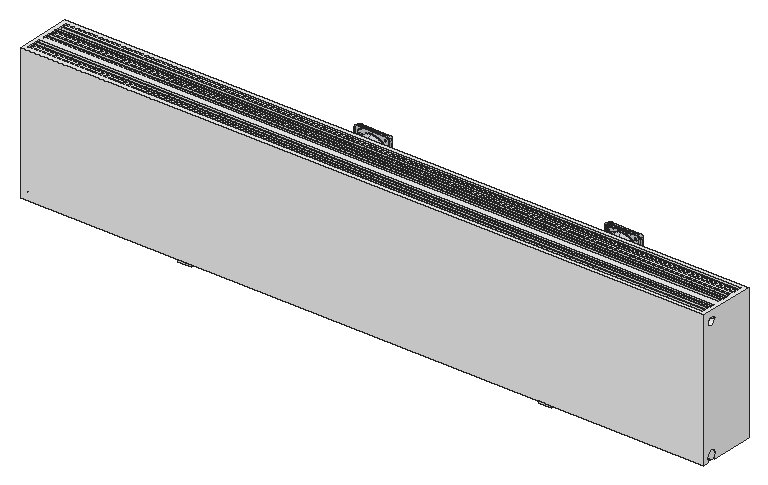
Revit family "57_CRD_ME_Climarad_2-0_elektrisch", category Mechanical Equipment, Revit 2020
Family settings
  Round Connector Dimension = Use Diameter
  Classification = None
  Part Type = Normal
  Work Plane-Based = Yes
  Always vertical = Yes
  Cut with Voids When Loaded = Yes
  Shared = No
  Room Calculation Point = Yes
Parameters (values of type "1500 mm")
  voltage = 230 V  # constant formula
  type_kap = 57_CRD_ME_kap_climarad_2-0 : diepte 197 mm
  schacht = yes
  roosters_hoh_maat [instance] = 880 mm
  rooster_offset_X_rechts [instance] = roosters_hoh_maat - hoh_ventilatie_doorvoeren + rooster_offset_X_links  # -109 mm
  rooster_offset_X_links_vrij_invullen [instance] = 0 mm
  positie_wcd_uit_hart_unit = 750 mm  # constant formula
  rooster_offset_Y [instance] = -150 mm
  rooster_offset_X_links [instance] = if(hart_roosters_gelijk_aan_hart_unit, (hoh_ventilatie_doorvoeren - roosters_hoh_maat) / 2, rooster_offset_X_links_vrij_invullen)  # 109 mm
  onderkant_unit [instance] = onderkant_kast - 80 mm  # 0 mm
  onderkant_kast [instance] = 80 mm
  muurrooster_waalformaat [instance] = not(muurrooster_vierkant)  # no
  muurrooster_vierkant [instance] = yes
  materiaal_rooster [instance] = none
  materiaal_unit [instance] = aluminium_RAL_9016
  materiaal_kanaal [instance] = none
  lengte_unit = 1240 mm  # constant formula
  hoogte_unit = 466 mm  # constant formula
  hoogte_totaal = hoogte_kast + 80 mm  # 554 mm
  hoogte_kast = 474 mm
  hart_ventilatie_doorvoer_tov_onderkant_unit = 385 mm  # constant formula
  hart_roosters_gelijk_aan_hart_unit [instance] = yes
  dikte_binnenspouwblad [instance] = 100 mm
  lengte_kast = 2400 mm
  hoh_ventilatie_doorvoeren = 549 mm * 2  # 1098 mm
  hart_doorvoer_tov_ok_kast = 367 mm  # constant formula
  eis_offset_Y [instance] = "negatief getal ivm ontwatering"  # constant formula
  dikte_spouwconstructie [instance] = 350 mm
  diepte_achterunit = 135 mm  # constant formula
  diepte_kast = if(diepte = 205 mm, 157 mm, 197 mm)  # 197 mm
  diepte = 245 mm
  diameter_aansluiting [instance] = if(connection_diameter_110, 110 mm, 150 mm)  # 110 mm
  debiet_m3h_maximaal [instance] = 125.00 m³  # constant formula
  debiet_m3h [instance] = 100.00 m³
  debiet_Ls [instance] = debiet_m3h / 3600.0 s  # 27.7778 L/s
  connection_diameter_150 [instance] = not(connection_diameter_110)  # no
  connection_diameter_110 [instance] = 2 > 1  # yes
  lengte_onderstel = 700 mm  # constant formula
  Model = "Sensa H2X"  # constant formula
  Manufacturer = "ClimaRad"  # constant formula
  Description = "ClimaRad Sensa H2X ventilatie-unit"  # constant formula
  Default Elevation = 1219.2 mm
Reference planes
  plane 1 "Center (Front/Back)": y = 0
  plane 2: z = 0
  plane 3 "Center (Left/Right)": x = 0
  plane 4: x = -1200
  plane 5: x = 1200
  plane 6: y = -245
  plane 7 "bovenkant": z = 554
  plane 8: y = 350
  plane 9: y = -135
  plane 10 "unit_L": x = -620
  plane 11 "unit_R": x = 620
  plane 12 "hart_doorvoer": z = 385
  plane 13: x = -549
  plane 14: x = 549
  plane 15: x = -350
  plane 16: x = 350
  plane 17 "onderkant_kast": z = 80
  plane 18: z = 25
  plane 19: z = 466
  plane 20: z = 0
Forms (mm)
  Sweep 1, solid
    path origin (0, 0, 0) x (1, 0, 0) y (0, 0, 1)
      loop
        line (-620, 25) -> (620, 25)
    profile origin (0, 0, 25) x (0, 0, 1) y (0, -1, 0)
      loop
        line (14.75, 135) -> (13.172, 104.889) -> (0, 104.889) -> (0, 15.978) -> (14.834, 15.978) -> (14.834, 0) -> (428.139, 0) -> (428.75, 35) -> (440.991, 35)
        arc (440.991, 35) -> (440.99, 41.25) -> (440.91, 47.5) r 500
        line (440.91, 47.5) -> (431.932, 135) -> (14.75, 135)
  Sweep 2, solid
    path origin (0, 0, 0) x (1, 0, 0) y (0, 0, 1)
      loop
        line (-350, 0) -> (350, 0)
    profile origin (0, 0, 0) x (0, 0, 1) y (0, -1, 0)
      loop
        line (25, 94.307) -> (0, 76.994) -> (0, 15.978) -> (25, 15.978) -> (25, 94.307)
  Extrusion 3, solid, material "aluminium_RAL_9016" <- "materiaal_unit"
    sketch origin (-620, 0, 0) x (0, 1, 0) y (0, 0, 1)
      loop
        line (0, 214.595) -> (-5, 214.595) -> (-5, 194.595) -> (-104.889, 194.595) -> (-104.889, 80) -> (-245, 80) -> (-245, 74.787) -> (-218.532, 56.595) -> (-104.889, 56.595) -> (-104.889, 54.595) -> (-5, 54.595) -> (-5, 38.595) -> (0, 38.595) -> (0, 214.595)
    from 0 to -25
  Extrusion 4, solid, material "aluminium_RAL_9016" <- "materiaal_unit"
    sketch origin (620, 0, 0) x (0, 1, 0) y (0, 0, 1)
      loop
        line (0, 214.595) -> (-5, 214.595) -> (-5, 194.595) -> (-104.889, 194.595) -> (-104.889, 80) -> (-245, 80) -> (-245, 74.787) -> (-218.532, 56.595) -> (-104.889, 56.595) -> (-104.889, 54.595) -> (-5, 54.595) -> (-5, 38.595) -> (0, 38.595) -> (0, 214.595)
    from 0 to 25
Cuts and joins
  joined: Sweep 1, Sweep 2
Dimensions and locks
  equal spacing: plane 4, plane 3 "Center (Left/Right)", plane 5
  "lengte_kast": plane 4 to plane 5
  "dikte_spouwconstructie": plane 8 to plane 1 "Center (Front/Back)"
  "diepte_achterunit": plane 9 to plane 1 "Center (Front/Back)"
  equal spacing: plane 10 "unit_L", plane 3 "Center (Left/Right)", plane 11 "unit_R"
  "lengte_unit": plane 10 "unit_L" to plane 11 "unit_R"
  equal spacing: plane 14, plane 3 "Center (Left/Right)", plane 13
  "hoh_ventilatie_doorvoeren": plane 14 to plane 13
  equal spacing: plane 16, plane 3 "Center (Left/Right)", plane 15
  "lengte_onderstel": plane 16 to plane 15
  "onderkant_kast": plane 17 "onderkant_kast" to plane 2
  "hoogte_kast": plane 7 "bovenkant" to plane 17 "onderkant_kast"
  locked: plane 18 to plane 20 at 25
  "onderkant_unit": plane 20 to plane 2
  "hoogte_unit": plane 19 to plane 20
  "hart_ventilatie_doorvoer_tov_onderkant_unit": plane 12 "hart_doorvoer" to plane 20
  "diepte": plane 1 "Center (Front/Back)" to plane 6
  aligned and locked: level to plane 2
  aligned and locked: nested 1 to plane 1 "Center (Front/Back)"
  aligned and locked: nested 1 to plane 13
  aligned and locked: nested 3 to plane 1 "Center (Front/Back)"
  aligned and locked: nested 3 to plane 14
  aligned and locked: plane 11 "unit_R" to Sweep 1 sketch curve
  aligned and locked: plane 10 "unit_L" to Sweep 1 sketch curve
  aligned and locked: Sweep 1 sketch curve to profile plane
  aligned and locked: plane 9 to Sweep 1 sketch curve
  aligned and locked: Sweep 1 sketch curve to plane 18  (x2)
  aligned and locked: Sweep 2 sketch curve to plane 20  (x2)
  aligned and locked: plane 16 to Sweep 2 sketch curve
  aligned and locked: plane 15 to Sweep 2 sketch curve
  aligned and locked: plane 18 to Sweep 2 sketch curve
  aligned and locked: plane 3 "Center (Left/Right)" to nested 5
  aligned and locked: nested 5 to plane 6
  aligned and locked: plane 6 to Extrusion 3 sketch curve
  aligned and locked: plane 6 to Extrusion 4 sketch curve
Automatic sketch dimensions
  profile plane to Sweep 1 sketch curve = 59 mm
  Sweep 1 sketch curve to profile plane = 13.172 mm
  Sweep 1 sketch curve to profile plane = 14.75 mm
  Sweep 1 sketch curve to profile plane = 14.834 mm
  Sweep 1 sketch curve to Sweep 1 sketch curve = 413.306 mm
  Sweep 1 sketch curve to Sweep 1 sketch curve = 0.611 mm
  Sweep 1 sketch curve to Sweep 1 sketch curve = 3.182 mm
  plane 1 "Center (Front/Back)" to Sweep 1 sketch curve = 47.5 mm
  Sweep 1 sketch curve to Sweep 1 sketch curve = 12.16 mm
  Sweep 1 sketch curve to Sweep 1 sketch curve = 12.241 mm
  plane 1 "Center (Front/Back)" to Sweep 1 sketch curve = 15.978 mm
  Sweep 1 sketch curve to Sweep 1 sketch curve = 12.5 mm
  Sweep 1 sketch curve to Sweep 1 sketch curve = 30.111 mm
  plane 1 "Center (Front/Back)" to Sweep 2 sketch curve = 15.978 mm
  Sweep 2 sketch curve to Sweep 2 sketch curve = 61.016 mm
  Sweep 2 sketch curve to Sweep 2 sketch curve = 17.313 mm
  Extrusion 3 sketch curve to plane 17 "onderkant_kast" = 0 mm
  Extrusion 3 sketch curve to plane 1 "Center (Front/Back)" = 0 mm
  plane 1 "Center (Front/Back)" to Extrusion 3 sketch curve = 5 mm  (x2)
  plane 9 to Extrusion 3 sketch curve = 30.111 mm
  Extrusion 3 sketch curve to Extrusion 3 sketch curve = 0 mm
  Extrusion 3 sketch curve to plane 17 "onderkant_kast" = 5.213 mm
  Extrusion 3 sketch curve to Extrusion 3 sketch curve = 26.468 mm
  Extrusion 3 sketch curve to plane 17 "onderkant_kast" = 23.405 mm
  Extrusion 3 sketch curve to Extrusion 3 sketch curve = 2 mm
  plane 18 to Extrusion 3 sketch curve = 13.595 mm
  plane 17 "onderkant_kast" to Extrusion 3 sketch curve = 114.595 mm
  Extrusion 3 sketch curve to Extrusion 3 sketch curve = 20 mm
  Extrusion 4 sketch curve to plane 17 "onderkant_kast" = 0 mm
  Extrusion 4 sketch curve to plane 1 "Center (Front/Back)" = 0 mm
  plane 1 "Center (Front/Back)" to Extrusion 4 sketch curve = 5 mm
  Extrusion 4 sketch curve to Extrusion 4 sketch curve = 5 mm
  plane 9 to Extrusion 4 sketch curve = 30.111 mm
  Extrusion 4 sketch curve to Extrusion 4 sketch curve = 0 mm
  Extrusion 4 sketch curve to plane 17 "onderkant_kast" = 5.213 mm
  Extrusion 4 sketch curve to Extrusion 4 sketch curve = 26.468 mm
  Extrusion 4 sketch curve to plane 17 "onderkant_kast" = 23.405 mm
  Extrusion 4 sketch curve to Extrusion 4 sketch curve = 2 mm
  plane 18 to Extrusion 4 sketch curve = 13.595 mm
  Extrusion 4 sketch curve to Extrusion 4 sketch curve = 114.595 mm
  Extrusion 4 sketch curve to Extrusion 4 sketch curve = 20 mm
Nested families
  nested 1: "57_CRD_AT_aansluiting_muurrooster_flex" at (-549, 0, 385) x (-1, 0, 0) z (0, 0, 1), materiaal_rooster <- "materiaal_rooster", diepte <- "dikte_spouwconstructie", lengte_recht_deel_aansluiting <- "dikte_binnenspouwblad", offset_X <- "rooster_offset_X_rechts", offset_Y <- "rooster_offset_Y", Connection Diameter 150 <- "connection_diameter_150", muurrooster_waalformaat <- "muurrooster_waalformaat", materiaal_kanaal <- "materiaal_kanaal", type "Grille"
    with rekenwaarde_offset_Y 850 mm, rekenwaarde_offset_X 891 mm, offset_Y -150 mm, offset_X -109 mm, muurrooster_waalformaat no, muurrooster_vierkant yes, materiaal_rooster none, materiaal_kanaal none, lengte_recht_deel_aansluiting 100 mm, diepte 350 mm, Tube Length 320 mm, R 55 mm, Diameter 110 mm, Connection Diameter 150 no, Connection Diameter 110 yes, Connection Diameter 110 mm
  nested 2: "Square Grille" at (-440, 350.025, 235) x (-1, 0, 0) z (0, 0, 1), type "Square Grille"
    with materiaal none, Function Code ""
  nested 3: "57_CRD_AT_aansluiting_muurrooster_flex" at (549, 0, 385) x (-1, 0, 0) z (0, 0, 1), materiaal_rooster <- "materiaal_rooster", diepte <- "dikte_spouwconstructie", lengte_recht_deel_aansluiting <- "dikte_binnenspouwblad", offset_X <- "rooster_offset_X_links", offset_Y <- "rooster_offset_Y", Connection Diameter 150 <- "connection_diameter_150", muurrooster_waalformaat <- "muurrooster_waalformaat", materiaal_kanaal <- "materiaal_kanaal", type "Grille"
    with rekenwaarde_offset_Y 850 mm, rekenwaarde_offset_X 1109 mm, offset_Y -150 mm, offset_X 109 mm, muurrooster_waalformaat no, muurrooster_vierkant yes, materiaal_rooster none, materiaal_kanaal none, lengte_recht_deel_aansluiting 100 mm, diepte 350 mm, Tube Length 320 mm, R 55 mm, Diameter 110 mm, Connection Diameter 150 no, Connection Diameter 110 yes, Connection Diameter 110 mm
  nested 4: "Square Grille" at (440, 350.025, 235) x (-1, 0, 0) z (0, 0, 1), type "Square Grille"
    with materiaal none, Function Code ""
  nested 5: "57_CRD_ME_kap_climarad_2-0" at (0, -245, 80), materiaal <- "materiaal_unit", lengte <- "lengte_kast", hoogte <- "hoogte_kast", diepte <- "diepte_kast", type <- "type_kap", type "diepte 197 mm"
    with materiaal aluminium_RAL_9016, lengte 2400 mm, hoogte 474 mm, diepte 197 mm
Connectors
  hvac at (-549, 0, 385), driven by "diameter_aansluiting", driven by "debiet_Ls"
    settings: on nested 1, index 3, duct flow 27.7778 L/s, flow factor 0, pres drop 0.0 Pa, loss coef 0, conn angle 0.00°, conn width 304.8 mm, conn height 304.8 mm, conn diameter 110 mm, duct sys type 2, conn prof type 0, flow config 1, flow direction 2, loss method 0, conn ref index -1, conn util no, is conn primary yes, conn desc ""
  hvac at (549, 0, 385), driven by "diameter_aansluiting", driven by "debiet_Ls"
    settings: on nested 3, index 4, duct flow 27.7778 L/s, flow factor 0, pres drop 0.0 Pa, loss coef 0, conn angle 0.00°, conn width 304.8 mm, conn height 304.8 mm, conn diameter 110 mm, duct sys type 1, conn prof type 0, flow config 1, flow direction 1, loss method 0, conn ref index -1, conn util no, is conn primary no, conn desc ""
  electrical at (0, 0, 246.487), driven by "voltage"
    settings: on Sweep 1, index 5, voltage 230 V, apparent load 0 VA, apparent load phase1 0 VA, apparent load phase2 0 VA, apparent load phase3 0 VA, power factor 1, load classification "Other", number of poles 1, system type 31, power factor state 1, is connector primary yes, connector utility no, sub classification motor no, connector description ""
Definition of nested family "57_CRD_AT_aansluiting_muurrooster_flex"
  Parameters (values of type "Grille")
    rekenwaarde_offset_Y [instance] = offset_Y + 1000 mm  # 1850 mm
    rekenwaarde_offset_X [instance] = offset_X + 1000 mm  # 1850 mm
    offset_Y [instance] = 850 mm
    offset_X [instance] = 850 mm
    muurrooster_waalformaat [instance] = yes
    muurrooster_vierkant [instance] = not(muurrooster_waalformaat)  # no
    materiaal_rooster [instance] = none
    materiaal_kanaal [instance] = none
    lengte_recht_deel_aansluiting [instance] = 100 mm
    diepte [instance] = 600 mm
    Width = 210 mm
    Watermarked By = ""
    URL = "www.stabiplan.com"
    Tube Length [instance] = if(muurrooster_waalformaat, diepte - 80 mm, diepte - 30 mm)  # 520 mm
    R [instance] = Connection Diameter / 2  # 75 mm
    Model = ""
    Manufacturer = "ClimaRad"  # constant formula
    IFCExportType = "GRILLE"  # constant formula
    IFCExportAs = "IfcAirTerminal"  # constant formula
    Height = 53 mm
    Diameter [instance] = Connection Diameter  # 150 mm
    Description = ""
    Depth = 7.5 mm
    Default Elevation = 1219.2 mm
    Connection Diameter 150 [instance] = yes
    Connection Diameter 110 [instance] = not(Connection Diameter 150)  # no
    Connection Diameter [instance] = if(Connection Diameter 110, 110 mm, 150 mm)  # 150 mm
    Keynote = "﻿﻿​        ﻿﻿  ﻿ ﻿   ﻿ ﻿ ﻿     ﻿   ﻿ ﻿  ﻿﻿ ﻿     ​                      ﻿     ﻿     ​         ​              ﻿                           ​﻿﻿"
    Type Comments = "﻿﻿​        ﻿﻿  ﻿ ﻿   ﻿ ﻿ ﻿     ﻿   ﻿ ﻿  ﻿﻿ ﻿     ​                      ﻿     ﻿     ​         ​              ﻿                           ​﻿﻿"
    Assembly Code = "﻿﻿​        ﻿﻿  ﻿ ﻿   ﻿ ﻿ ﻿     ﻿   ﻿ ﻿  ﻿﻿ ﻿     ​                      ﻿     ﻿     ​         ​              ﻿                           ​﻿﻿"
  Reference planes
    plane 1 "Center (Front/Back)": y = 0
    plane 2: z = 0
    plane 3 "Center (Left/Right)": x = 0
    plane 4: y = -340.025
    plane 5: x = 43
    plane 6: x = -43
    plane 7 "achterkant_rooster": y = -520
    plane 8: x = -1000
    plane 9: z = -1000
    plane 10: x = 850
    plane 11 "level_muurrooster": z = 850
    plane 12 "asp_rooster": y = -470.025
    plane 13 "ventura_ASP": y = -100
    plane 14: y = -550.025
    plane 15: y = -600.025
  Forms (mm)
    Extrusion 1, solid, material <- "materiaal_kanaal"
      sketch origin (0, -100, 0) x (-1, 0, 0) y (0, 0, 1)
        loop
          circle (0, 0) r 75
      from 0 to 100
    Blend 2, solid, material <- "materiaal_kanaal"
      base sketch origin (0, -100, 0) x (-1, 0, 0) y (0, 0, 1)
        loop
          circle (0, 0) r 75
      top sketch origin (0, -470.025, 0) x (-1, 0, 0) y (0, 0, 1)
        loop
          circle (-850, 850.501) r 75
      from 0 to 0
    SweptBlend 3, solid, material <- "materiaal_kanaal"
      path origin (0, -430.025, 850) x (-1, 0, 0) y (0, -1, 0)
        loop
          line (-850, 40) -> (-850, 89.975)
      profile origin (850, -470.025, 850) x (1, 0, 0) y (0, 0, 1)
        loop
          circle (0, 0.501) r 75
      end profile origin (850, -520, 850) x (1, 0, 0) y (0, 0, 1)
        loop
          circle (0, 0.501) r 50
  Lines and regions (mm)
    model lines
      curve 1: line (850, -470.025, 850) -> (850, -520, 850)
  Dimensions and locks
    equal spacing: plane 6, plane 3 "Center (Left/Right)", plane 5
    locked: plane 6 to plane 5 at 86
    plane 1 "Center (Front/Back)" to plane 4 = 340.025 mm
    plane 7 "achterkant_rooster" to plane 1 "Center (Front/Back)" = 520 mm
    locked: plane 3 "Center (Left/Right)" to plane 8 at 1000
    locked: plane 2 to plane 9 at 1000
    "rekenwaarde_offset_Y": plane 11 "level_muurrooster" to plane 9
    "rekenwaarde_offset_X": plane 10 to plane 8
    locked: plane 14 to plane 15 at 50
    "Tube Length": plane 7 "achterkant_rooster" to plane 1 "Center (Front/Back)"
    locked: plane 7 "achterkant_rooster" to plane 12 "asp_rooster" at 49.975
    locked: plane 15 to plane 7 "achterkant_rooster" at 80.025
    "lengte_recht_deel_aansluiting": plane 1 "Center (Front/Back)" to plane 13 "ventura_ASP"
    "Diameter": diameter of Extrusion 1 sketch curve
    "Diameter": diameter of Blend 2 sketch curve  (x2)
    "Diameter": diameter of SweptBlend 3 sketch curve
    aligned and locked: level to plane 2
    aligned and locked: plane 7 "achterkant_rooster" to SweptBlend 3 sketch curve
    aligned and locked: SweptBlend 3 sketch curve to plane 12 "asp_rooster"
    aligned and locked: plane 10 to nested 1
    aligned and locked: plane 14 to nested 2
    aligned and locked: plane 10 to nested 2
    aligned and locked: plane 15 to nested 1
    aligned and locked: Extrusion 1 to plane 1 "Center (Front/Back)"
  Automatic sketch dimensions
    plane 7 "achterkant_rooster" to curve 1 = 0 mm
    curve 1 to plane 10 = 0 mm
    curve 1 to plane 12 "asp_rooster" = 0 mm
    SweptBlend 3 sketch curve to plane 10 = 0 mm
    profile plane to SweptBlend 3 sketch curve = 0 mm  (x2)
    plane 11 "level_muurrooster" to SweptBlend 3 sketch curve = 0.501 mm  (x2)
    Extrusion 1 sketch curve to level = 0 mm
    Extrusion 1 sketch curve to plane 3 "Center (Left/Right)" = 0 mm
    Blend 2 sketch curve to level = 0 mm
    Blend 2 sketch curve to plane 3 "Center (Left/Right)" = 0 mm
    Blend 2 sketch curve to Blend 2 sketch curve = 0 mm  (x2)
    plane 10 to Blend 2 sketch curve = 0 mm
    plane 11 "level_muurrooster" to Blend 2 sketch curve = 0.501 mm
    radius of SweptBlend 3 sketch curve = 50 mm
  Nested families
    nested 1: "Rectangular Grille" at (850, -600.025, 850), materiaal <- "materiaal_rooster", visible <- "muurrooster_waalformaat", type "Rectangular Grille"
      with materiaal none, Function Code "", Default Elevation 0 mm
    nested 2: "Square Grille" at (850, -550.025, 850), materiaal <- "materiaal_rooster", visible <- "muurrooster_vierkant", type "Square Grille"
      with materiaal none, Function Code ""
  Definition of nested family "Rectangular Grille"
    Parameters (values of type "Rectangular Grille")
      Width = 210 mm
      Wholesaler Art. No. = ""
      Wholesaler = ""
      materiaal [instance] = none
      Watermarked By = "www.stabiplan.com"
      URL = "www.stabiplan.com"
      Type Comments = "﻿﻿ ﻿ ﻿﻿﻿﻿﻿﻿          ​          ﻿       ﻿   ﻿  ﻿  ﻿  ﻿​     ​​  ​​   ​​   ﻿﻿     ​      ​​  ​​      ﻿     ﻿   ﻿      ﻿  ﻿﻿"
      Stabu Code = ""
      Revit Version = "2014"  # constant formula
      Product Line = "ClimaRad"
      Model = "53x210"
      Manufacturer URL = "www.climarad.com"
      Manufacturer Art. No. = "3511103"
      Manufacturer = "ClimaRad"
      MEPcontent Class = "GRILLE"  # constant formula
      Keynote = "﻿﻿ ﻿ ﻿﻿﻿﻿﻿﻿          ​          ﻿       ﻿   ﻿  ﻿  ﻿  ﻿​     ​​  ​​   ​​   ﻿﻿     ​      ​​  ​​      ﻿     ﻿   ﻿      ﻿  ﻿﻿"
      Internal Art. No. = ""
      IFCExportType = "GRILLE"  # constant formula
      IFCExportAs = "IfcAirTerminalType"  # constant formula
      Height = 53 mm
      GTIN = ""
      Function Code [instance] = ""
      Family Version = "10.04"  # constant formula
      ETIM Article Class = "EC001297"
      EMCS Version = "2.0"  # constant formula
      Description = "Aluminium brick"
      Depth = 7.5 mm
      Default Elevation = 1219.2 mm
      Custom = no
      Copyright = "© Stabiplan International BV"  # constant formula
      Content Supplier URL = "www.mepcontent.eu"
      CB-NL Class = ""
      Assembly Code = "﻿﻿ ﻿ ﻿﻿﻿﻿﻿﻿          ​          ﻿       ﻿   ﻿  ﻿  ﻿  ﻿​     ​​  ​​   ​​   ﻿﻿     ​      ​​  ​​      ﻿     ﻿   ﻿      ﻿  ﻿﻿"
      Article Type = "53x210"
      Article Description = "Aluminium brick"
    Reference planes
      plane 1 "Center (Front/Back)": y = 0
      plane 2: z = 0
      plane 3 "Center (Left/Right)": x = 0
      plane 4: y = 90
    Forms (mm)
      Revolve 1, solid, material <- "materiaal", detail levels fine
        sketch origin (0, 50, 0) x (0, 1, 0) y (0, 0, 1)
          loop
            arc (39.018, 42.11) -> (39.963, 43.055) -> (39.018, 44) r 0.945
            line (39.018, 44) -> (38.22, 44)
            arc (38.22, 44) -> (37.144, 44.34) -> (36.461, 45.238) r 1.868
            line (36.461, 45.238) -> (36.176, 46.035)
            arc (36.176, 46.035) -> (35.58, 46.509) -> (34.985, 46.035) r 0.611
            line (34.985, 46.035) -> (34.985, 44.473)
            arc (34.985, 44.473) -> (34.391, 43.99) -> (33.796, 44.473) r 0.607
            line (33.796, 44.473) -> (33.796, 46.019)
            arc (33.796, 46.019) -> (33.188, 46.501) -> (32.58, 46.019) r 0.625
            line (32.58, 46.019) -> (32.287, 45.206)
            arc (32.287, 45.206) -> (31.587, 44.307) -> (30.491, 43.995) r 1.834
            line (30.491, 43.995) -> (29.298, 43.995)
            arc (29.298, 43.995) -> (28.157, 44.349) -> (27.417, 45.286) r 2.015
            line (27.417, 45.286) -> (27.157, 46.035)
            arc (27.157, 46.035) -> (26.562, 46.509) -> (25.966, 46.035) r 0.611
            line (25.966, 46.035) -> (25.966, 44.473)
            arc (25.966, 44.473) -> (25.372, 43.99) -> (24.777, 44.473) r 0.607
            line (24.777, 44.473) -> (24.777, 46.019)
            arc (24.777, 46.019) -> (24.169, 46.501) -> (23.561, 46.019) r 0.625
            line (23.561, 46.019) -> (23.268, 45.206)
            arc (23.268, 45.206) -> (22.536, 44.329) -> (21.442, 44) r 1.985
            line (21.442, 44) -> (0, 44) -> (0, 42.11) -> (39.018, 42.11)
          axis (39.018, 0) -> (0, 0)
        angle from 0 to 360
      Sweep 2, solid, material <- "materiaal", detail levels fine
        path origin (0, 0, 0) x (1, 0, 0) y (0, 0, 1)
          loop
            line (-104, 25.5) -> (-104, -25.5) -> (104, -25.5) -> (104, 25.5) -> (-104, 25.5)
        profile origin (0, 0, 25.5) x (0, 0, 1) y (0, -1, 0)
          loop
            line (-3.5, 6.5) -> (-0.973, 6.5)
            arc (-0.973, 6.5) -> (-0.285, 6.215) -> (0, 5.527) r 0.973
            line (0, 5.527) -> (0, 0) -> (1, 0) -> (1, 5.549)
            arc (1, 5.549) -> (0.429, 6.929) -> (-0.951, 7.5) r 1.951
            line (-0.951, 7.5) -> (-3.5, 7.5) -> (-3.5, 6.5)
      Extrusion 3, solid, material <- "materiaal", detail levels fine
        sketch origin (0, 0, 0) x (0, 1, 0) y (0, 0, 1)
          loop
            line (13.466, 12.788) -> (0.018, 16.392)
            arc (0.018, 16.392) -> (-0.847, 16.43) -> (-1.647, 16.098) r 2
            line (-1.647, 16.098) -> (-7.5, 12) -> (-6.926, 11.181) -> (-1.074, 15.279)
            arc (-1.074, 15.279) -> (-0.674, 15.445) -> (-0.241, 15.426) r 1
            line (-0.241, 15.426) -> (13.207, 11.822) -> (13.466, 12.788)
          loop
            line (13.466, 0.788) -> (0.018, 4.392)
            arc (0.018, 4.392) -> (-0.847, 4.43) -> (-1.647, 4.098) r 2
            line (-1.647, 4.098) -> (-7.5, 0) -> (-6.926, -0.819) -> (-1.074, 3.279)
            arc (-1.074, 3.279) -> (-0.674, 3.445) -> (-0.241, 3.426) r 1
            line (-0.241, 3.426) -> (13.207, -0.178) -> (13.466, 0.788)
          loop
            line (13.466, -11.212) -> (0.018, -7.608)
            arc (0.018, -7.608) -> (-0.847, -7.57) -> (-1.647, -7.902) r 2
            line (-1.647, -7.902) -> (-7.5, -12) -> (-6.926, -12.819) -> (-1.074, -8.721)
            arc (-1.074, -8.721) -> (-0.674, -8.555) -> (-0.241, -8.574) r 1
            line (-0.241, -8.574) -> (13.207, -12.178) -> (13.466, -11.212)
        from -99.5 to 99.5
      Extrusion 4, solid, material <- "materiaal", detail levels fine
        sketch origin (0, 0, 0) x (1, 0, 0) y (0, 1, 0)
          loop
            line (-104, 0) -> (-104, -4.5)
            arc (-104, -4.5) -> (-103.414, -5.914) -> (-102, -6.5) r 2
            line (-102, -6.5) -> (-100.377, -6.5)
            arc (-100.377, -6.5) -> (-99.058, -6.004) -> (-98.394, -4.761) r 2
            line (-98.394, -4.761) -> (-95.626, 16.266)
            arc (-95.626, 16.266) -> (-95.531, 17.224) -> (-95.5, 18.185) r 14.704
            line (-95.5, 18.185) -> (-95.5, 30.5) -> (-96.5, 30.5) -> (-96.5, 18.368)
            arc (-96.5, 18.368) -> (-96.535, 17.29) -> (-96.641, 16.216) r 16.483
            line (-96.641, 16.216) -> (-99.386, -4.631)
            arc (-99.386, -4.631) -> (-99.718, -5.252) -> (-100.377, -5.5) r 1
            line (-100.377, -5.5) -> (-102, -5.5)
            arc (-102, -5.5) -> (-102.707, -5.207) -> (-103, -4.5) r 1
            line (-103, -4.5) -> (-103, 0) -> (-104, 0)
          loop
            line (104, 0) -> (103, 0) -> (103, -4.5)
            arc (103, -4.5) -> (102.707, -5.207) -> (102, -5.5) r 1
            line (102, -5.5) -> (100.377, -5.5)
            arc (100.377, -5.5) -> (99.718, -5.252) -> (99.386, -4.631) r 1
            line (99.386, -4.631) -> (96.641, 16.216)
            arc (96.641, 16.216) -> (96.535, 17.29) -> (96.5, 18.368) r 16.483
            line (96.5, 18.368) -> (96.5, 30.5) -> (95.5, 30.5) -> (95.5, 18.185)
            arc (95.5, 18.185) -> (95.531, 17.224) -> (95.626, 16.266) r 14.704
            line (95.626, 16.266) -> (98.394, -4.761)
            arc (98.394, -4.761) -> (99.058, -6.004) -> (100.377, -6.5) r 2
            line (100.377, -6.5) -> (102, -6.5)
            arc (102, -6.5) -> (103.414, -5.914) -> (104, -4.5) r 2
            line (104, -4.5) -> (104, 0)
        from -22.5 to 22.483
      Extrusion 5, void
        sketch origin (0, 0, 0) x (0, 1, 0) y (0, 0, 1)
          loop
            line (28.768, 10) -> (30.5, 9) -> (30.5, 22.483) -> (11.436, 22.483) -> (15.5, 20.116) -> (15.5, 10) -> (28.768, 10)
          loop
            line (28.768, -10) -> (15.5, -10) -> (15.5, -20.116) -> (11.436, -22.483) -> (30.5, -22.483) -> (30.5, -9) -> (28.768, -10)
        from -105 to 105
      Extrusion 6, solid, material <- "materiaal", detail levels fine
        sketch origin (0, 120.385, -0.738) x (0, 1, 0) y (0, 0, 1)
          loop
            line (-119.375, 17.238) -> (-106.375, 13.755) -> (-106.375, 11.722) -> (-119.375, 8.238) -> (-119.375, 5.238) -> (-106.375, 1.755) -> (-106.375, -0.278) -> (-119.375, -3.762) -> (-119.375, -6.762) -> (-106.375, -10.245) -> (-106.375, -12.278) -> (-119.375, -15.762) -> (-119.375, -21.951) -> (-88.885, -21.684) -> (-88.885, 23.161) -> (-119.375, 23.427) -> (-119.375, 17.238)
        from -30.489 to -29.481
      Extrusion 7, solid, material <- "materiaal", detail levels fine
        sketch origin (0, 120.385, -0.738) x (0, 1, 0) y (0, 0, -1)
          loop
            line (-119.375, -17.238) -> (-119.375, -23.427) -> (-88.885, -23.161) -> (-88.885, 21.684) -> (-119.375, 21.951) -> (-119.375, 15.762) -> (-106.375, 12.278) -> (-106.375, 10.245) -> (-119.375, 6.762) -> (-119.375, 3.762) -> (-106.375, 0.278) -> (-106.375, -1.755) -> (-119.375, -5.238) -> (-119.375, -8.238) -> (-106.375, -11.722) -> (-106.375, -13.755) -> (-119.375, -17.238)
        from -30.489 to -29.481
      Extrusion 8, solid, material <- "materiaal", detail levels fine
        sketch origin (0, 0, 0) x (1, 0, 0) y (0, 0, 1)
          loop
            line (-104, 25.5) -> (-104, -25.5) -> (104, -25.5) -> (104, 25.5) -> (-104, 25.5)
          loop
            line (-103, 24.5) -> (-103, -24.5) -> (103, -24.5) -> (103, 24.5) -> (-103, 24.5)
        from 0 to -30.5
      SweptBlend 9, solid, material <- "materiaal", detail levels fine
        path in 3D
          loop
            line (0, 50, 0) -> (0, 30.5, 0)
        profile origin (0, 50, 0) x (1, 0, 0) y (0, 0, 1)
          loop
            arc (-32.665, 29.479) -> (-43.863, -3.472) -> (-27.619, -34.252) r 44
            arc (-27.619, -34.252) -> (-3.022, -43.896) -> (22.666, -37.713) r 44
            arc (22.666, -37.713) -> (43.292, -7.859) -> (34.475, 27.34) r 44
            arc (34.475, 27.34) -> (1.401, 43.978) -> (-32.665, 29.479) r 44
        end profile origin (0, 30.5, 0) x (1, 0, 0) y (0, 0, 1)
          loop
            line (-104, 25.5) -> (-104, -25.5) -> (104, -25.5) -> (104, 25.5) -> (-104, 25.5)
      Extrusion 10, solid, detail levels coarse+medium
        sketch origin (0, 0, 0) x (1, 0, 0) y (0, 0, 1)
          loop
            circle (0, 0) r 46.019
        from -90 to -50
      Extrusion 11, solid, detail levels coarse+medium
        sketch origin (0, 0, 0) x (1, 0, 0) y (0, 1, 0)
          loop
            line (-105, -7.5) -> (105, -7.5) -> (105, 30.18) -> (44, 50) -> (-44, 50) -> (-105, 30.18) -> (-105, -7.5)
        from -26.5 to 26.5
    Cuts and joins
      Extrusion 5 cuts Revolve 1
      Extrusion 5 cuts Extrusion 4
    Lines and regions (mm)
      sketch lines
        curve 1: line (0, 50, 0) -> (0, 30.5, 0)
    Dimensions and locks
      plane 1 "Center (Front/Back)" to plane 4 = 90 mm
      Extrusion 11 sketch curve to plane 1 "Center (Front/Back)" = 7.5 mm
      Extrusion 11 sketch curve to plane 3 "Center (Left/Right)" to Extrusion 11 sketch curve = 105 mm, 105 mm
      diameter of Extrusion 10 sketch curve = 92.038 mm
      aligned and locked: level to plane 2
      aligned and locked: Sweep 2 to Extrusion 5  (x2)
      aligned and locked: plane 4 to Extrusion 10
      aligned and locked: Extrusion 11 to Sweep 2  (x2)
  Definition of nested family "Square Grille"
    Parameters (values of type "Square Grille")
      Width = 127 mm
      Wholesaler Art. No. = ""
      Wholesaler = ""
      materiaal [instance] = none
      Watermarked By = "www.stabiplan.com"
      URL = "www.stabiplan.com"
      Type Comments = "﻿﻿  ​                        ﻿﻿       ​      ﻿      ﻿                  ﻿                         ﻿​  ​ ﻿      ​   ﻿﻿"
      Stabu Code = ""
      Revit Version = "2014"  # constant formula
      Product Line = "ClimaRad"
      Model = "127x127"
      Manufacturer URL = "www.climarad.com"
      Manufacturer Art. No. = "3511203"
      Manufacturer = "ClimaRad"
      MEPcontent Class = "GRILLE"  # constant formula
      Keynote = "﻿﻿  ​                        ﻿﻿       ​      ﻿      ﻿                  ﻿                         ﻿​  ​ ﻿      ​   ﻿﻿"
      Internal Art. No. = ""
      IFCExportType = "GRILLE"  # constant formula
      IFCExportAs = "IfcAirTerminalType"  # constant formula
      Height = 127 mm
      GTIN = ""
      Function Code [instance] = ""
      Family Version = "10.04"  # constant formula
      ETIM Article Class = "EC001297"
      EMCS Version = "2.0"  # constant formula
      Description = "Aluminium set up grid"
      Depth = 14 mm
      Default Elevation = 1219.2 mm
      Custom = no
      Copyright = "© Stabiplan International BV"  # constant formula
      Content Supplier URL = "www.mepcontent.eu"
      CB-NL Class = ""
      Assembly Code = ""
      Article Type = "127x127"
      Article Description = "Aluminium set up grid"
    Reference planes
      plane 1 "Center (Front/Back)": y = 0
      plane 2: z = 0
      plane 3 "Center (Left/Right)": x = 0
    Forms (mm)
      Revolve 1, solid, material <- "materiaal", detail levels fine
        sketch origin (0, 0, 0) x (0, 1, 0) y (0, 0, 1)
          loop
            arc (39.018, 42.11) -> (39.963, 43.055) -> (39.018, 44) r 0.945
            line (39.018, 44) -> (38.22, 44)
            arc (38.22, 44) -> (37.144, 44.34) -> (36.461, 45.238) r 1.868
            line (36.461, 45.238) -> (36.176, 46.035)
            arc (36.176, 46.035) -> (35.58, 46.509) -> (34.985, 46.035) r 0.611
            line (34.985, 46.035) -> (34.985, 44.473)
            arc (34.985, 44.473) -> (34.391, 43.99) -> (33.796, 44.473) r 0.607
            line (33.796, 44.473) -> (33.796, 46.019)
            arc (33.796, 46.019) -> (33.188, 46.501) -> (32.58, 46.019) r 0.625
            line (32.58, 46.019) -> (32.287, 45.206)
            arc (32.287, 45.206) -> (31.587, 44.307) -> (30.491, 43.995) r 1.834
            line (30.491, 43.995) -> (29.298, 43.995)
            arc (29.298, 43.995) -> (28.157, 44.349) -> (27.417, 45.286) r 2.015
            line (27.417, 45.286) -> (27.157, 46.035)
            arc (27.157, 46.035) -> (26.562, 46.509) -> (25.966, 46.035) r 0.611
            line (25.966, 46.035) -> (25.966, 44.473)
            arc (25.966, 44.473) -> (25.372, 43.99) -> (24.777, 44.473) r 0.607
            line (24.777, 44.473) -> (24.777, 46.019)
            arc (24.777, 46.019) -> (24.169, 46.501) -> (23.561, 46.019) r 0.625
            line (23.561, 46.019) -> (23.268, 45.206)
            arc (23.268, 45.206) -> (22.536, 44.329) -> (21.442, 44) r 1.985
            line (21.442, 44) -> (20.411, 44)
            arc (20.411, 44) -> (19.937, 44.038) -> (19.476, 44.149) r 3.01
            line (19.476, 44.149) -> (1.763, 49.941)
            arc (1.763, 49.941) -> (0.593, 50.723) -> (0, 52) r 2.607
            line (0, 52) -> (0, 48.544) -> (17.33, 42.775)
            arc (17.33, 42.775) -> (19.355, 42.277) -> (21.434, 42.11) r 12.994
            line (21.434, 42.11) -> (39.018, 42.11)
          axis (39.018, 0) -> (0, 0)
        angle from 0 to 360
      Sweep 2, solid, material <- "materiaal", detail levels fine
        path origin (0, 0, 0) x (1, 0, 0) y (0, 0, 1)
          loop
            arc (-53.079, -51.114) -> (-52.503, -52.503) -> (-51.114, -53.079) r 1.965
            line (-51.114, -53.079) -> (51.075, -53.079)
            arc (51.075, -53.079) -> (52.492, -52.492) -> (53.079, -51.075) r 2.004
            line (53.079, -51.075) -> (53.079, 51.126)
            arc (53.079, 51.126) -> (52.507, 52.507) -> (51.126, 53.079) r 1.953
            line (51.126, 53.079) -> (-51.079, 53.079)
            arc (-51.079, 53.079) -> (-52.493, 52.493) -> (-53.079, 51.079) r 2
            line (-53.079, 51.079) -> (-53.079, -51.114)
        profile origin (-53.079, 0, -0.018) x (-1, 0, 0) y (0, -1, 0)
          loop
            line (9.386, 0) -> (10.421, 0) -> (7.067, 12.518)
            arc (7.067, 12.518) -> (6.353, 13.587) -> (5.135, 14) r 2
            line (5.135, 14) -> (3.864, 14)
            arc (3.864, 14) -> (2.455, 13.438) -> (1.82, 12.06) r 2.048
            line (1.82, 12.06) -> (1.498, 5.921)
            arc (1.498, 5.921) -> (1.033, 4.912) -> (0, 4.5) r 1.5
            line (0, 4.5) -> (0, 3.5)
            arc (0, 3.5) -> (1.721, 4.187) -> (2.497, 5.869) r 2.5
            line (2.497, 5.869) -> (2.821, 12.065)
            arc (2.821, 12.065) -> (3.095, 12.726) -> (3.757, 13) r 0.935
            line (3.757, 13) -> (5.135, 13)
            arc (5.135, 13) -> (5.744, 12.793) -> (6.101, 12.259) r 1
            line (6.101, 12.259) -> (9.386, 0)
      Extrusion 3, solid, material <- "materiaal", detail levels fine
        sketch origin (0, 0, 0) x (0, 1, 0) y (0, 0, 1)
          loop
            line (-4.5, 53.079) -> (-4.5, 50.079)
            arc (-4.5, 50.079) -> (-4.657, 49.541) -> (-5.077, 49.172) r 1
            line (-5.077, 49.172) -> (-9.609, 47.059)
            arc (-9.609, 47.059) -> (-11.811, 45.657) -> (-13.574, 43.732) r 10
            line (-13.574, 43.732) -> (-12.755, 43.158)
            arc (-12.755, 43.158) -> (-11.168, 44.891) -> (-9.186, 46.153) r 9
            line (-9.186, 46.153) -> (-4.655, 48.266)
            arc (-4.655, 48.266) -> (-3.858, 48.933) -> (-3.5, 49.908) r 2.015
            line (-3.5, 49.908) -> (-3.5, 53.079) -> (-4.5, 53.079)
          loop
            line (-4.5, 38.479) -> (-4.5, 35.479)
            arc (-4.5, 35.479) -> (-4.657, 34.941) -> (-5.077, 34.572) r 1
            line (-5.077, 34.572) -> (-9.609, 32.459)
            arc (-9.609, 32.459) -> (-11.811, 31.057) -> (-13.574, 29.132) r 10
            line (-13.574, 29.132) -> (-12.755, 28.558)
            arc (-12.755, 28.558) -> (-11.168, 30.291) -> (-9.186, 31.553) r 9
            line (-9.186, 31.553) -> (-4.655, 33.666)
            arc (-4.655, 33.666) -> (-3.858, 34.333) -> (-3.5, 35.308) r 2.015
            line (-3.5, 35.308) -> (-3.5, 38.479) -> (-4.5, 38.479)
          loop
            line (-4.5, 23.879) -> (-4.5, 20.879)
            arc (-4.5, 20.879) -> (-4.657, 20.341) -> (-5.077, 19.972) r 1
            line (-5.077, 19.972) -> (-9.609, 17.859)
            arc (-9.609, 17.859) -> (-11.811, 16.457) -> (-13.574, 14.532) r 10
            line (-13.574, 14.532) -> (-12.755, 13.958)
            arc (-12.755, 13.958) -> (-11.168, 15.691) -> (-9.186, 16.953) r 9
            line (-9.186, 16.953) -> (-4.655, 19.066)
            arc (-4.655, 19.066) -> (-3.858, 19.733) -> (-3.5, 20.708) r 2.015
            line (-3.5, 20.708) -> (-3.5, 23.879) -> (-4.5, 23.879)
          loop
            line (-4.5, 9.279) -> (-4.5, 6.279)
            arc (-4.5, 6.279) -> (-4.657, 5.741) -> (-5.077, 5.372) r 1
            line (-5.077, 5.372) -> (-9.609, 3.259)
            arc (-9.609, 3.259) -> (-11.811, 1.857) -> (-13.574, -0.068) r 10
            line (-13.574, -0.068) -> (-12.755, -0.642)
            arc (-12.755, -0.642) -> (-11.168, 1.091) -> (-9.186, 2.353) r 9
            line (-9.186, 2.353) -> (-4.655, 4.466)
            arc (-4.655, 4.466) -> (-3.858, 5.133) -> (-3.5, 6.108) r 2.015
            line (-3.5, 6.108) -> (-3.5, 9.279) -> (-4.5, 9.279)
          loop
            line (-4.5, -5.321) -> (-4.5, -8.321)
            arc (-4.5, -8.321) -> (-4.657, -8.859) -> (-5.077, -9.228) r 1
            line (-5.077, -9.228) -> (-9.609, -11.341)
            arc (-9.609, -11.341) -> (-11.811, -12.743) -> (-13.574, -14.668) r 10
            line (-13.574, -14.668) -> (-12.755, -15.242)
            arc (-12.755, -15.242) -> (-11.168, -13.509) -> (-9.186, -12.247) r 9
            line (-9.186, -12.247) -> (-4.655, -10.134)
            arc (-4.655, -10.134) -> (-3.858, -9.467) -> (-3.5, -8.492) r 2.015
            line (-3.5, -8.492) -> (-3.5, -5.321) -> (-4.5, -5.321)
          loop
            line (-4.5, -19.921) -> (-4.5, -22.921)
            arc (-4.5, -22.921) -> (-4.657, -23.459) -> (-5.077, -23.828) r 1
            line (-5.077, -23.828) -> (-9.609, -25.941)
            arc (-9.609, -25.941) -> (-11.811, -27.343) -> (-13.574, -29.268) r 10
            line (-13.574, -29.268) -> (-12.755, -29.842)
            arc (-12.755, -29.842) -> (-11.168, -28.109) -> (-9.186, -26.847) r 9
            line (-9.186, -26.847) -> (-4.655, -24.734)
            arc (-4.655, -24.734) -> (-3.858, -24.067) -> (-3.5, -23.092) r 2.015
            line (-3.5, -23.092) -> (-3.5, -19.921) -> (-4.5, -19.921)
          loop
            line (-4.5, -34.521) -> (-4.5, -37.521)
            arc (-4.5, -37.521) -> (-4.657, -38.059) -> (-5.077, -38.428) r 1
            line (-5.077, -38.428) -> (-9.609, -40.541)
            arc (-9.609, -40.541) -> (-11.811, -41.943) -> (-13.574, -43.868) r 10
            line (-13.574, -43.868) -> (-12.755, -44.442)
            arc (-12.755, -44.442) -> (-11.168, -42.709) -> (-9.186, -41.447) r 9
            line (-9.186, -41.447) -> (-4.655, -39.334)
            arc (-4.655, -39.334) -> (-3.858, -38.667) -> (-3.5, -37.692) r 2.015
            line (-3.5, -37.692) -> (-3.5, -34.521) -> (-4.5, -34.521)
          loop
            line (-3.5, -53.079) -> (-3.5, -49.579) -> (-4.5, -49.579) -> (-4.5, -53.079) -> (-3.5, -53.079)
        from -53.079 to 53.079
      Extrusion 4, solid, material <- "materiaal", detail levels fine
        sketch origin (0, 0, 0) x (1, 0, 0) y (0, 0, 1)
          loop
            arc (-51.286, 58.331) -> (-56.267, 56.267) -> (-58.331, 51.286) r 7.045
            line (-58.331, 51.286) -> (-58.331, -51.302)
            arc (-58.331, -51.302) -> (-56.272, -56.272) -> (-51.302, -58.331) r 7.028
            line (-51.302, -58.331) -> (51.286, -58.331)
            arc (51.286, -58.331) -> (56.267, -56.267) -> (58.331, -51.286) r 7.044
            line (58.331, -51.286) -> (58.331, 51.292)
            arc (58.331, 51.292) -> (56.269, 56.269) -> (51.292, 58.331) r 7.039
            line (51.292, 58.331) -> (-51.286, 58.331)
          loop
            circle (0, 0) r 45
        from 0 to 1
      Extrusion 5, solid, material <- "materiaal", detail levels fine
        sketch origin (0, 0, 0) x (1, 0, 0) y (0, 0, 1)
          loop
            line (51.292, 58.331) -> (-51.286, 58.331)
            arc (-51.286, 58.331) -> (-56.267, 56.267) -> (-58.331, 51.286) r 7.045
            line (-58.331, 51.286) -> (-58.331, -51.302)
            arc (-58.331, -51.302) -> (-56.272, -56.272) -> (-51.302, -58.331) r 7.028
            line (-51.302, -58.331) -> (51.286, -58.331)
            arc (51.286, -58.331) -> (56.267, -56.267) -> (58.331, -51.286) r 7.044
            line (58.331, -51.286) -> (58.331, 51.292)
            arc (58.331, 51.292) -> (56.269, 56.269) -> (51.292, 58.331) r 7.039
          loop
            line (-56.331, 51.286) -> (-56.331, -51.302)
            arc (-56.331, -51.302) -> (-54.858, -54.858) -> (-51.302, -56.331) r 5.028
            line (-51.302, -56.331) -> (51.286, -56.331)
            arc (51.286, -56.331) -> (54.853, -54.853) -> (56.331, -51.286) r 5.044
            line (56.331, -51.286) -> (56.331, 51.292)
            arc (56.331, 51.292) -> (54.855, 54.855) -> (51.292, 56.331) r 5.039
            line (51.292, 56.331) -> (-51.286, 56.331)
            arc (-51.286, 56.331) -> (-54.853, 54.853) -> (-56.331, 51.286) r 5.045
        from 0 to 10
      Extrusion 6, void
        sketch origin (0, 0, 0) x (1, 0, 0) y (0, 0, 1)
          loop
            arc (-50.552, 47.697) -> (-50.552, 44.182) -> (-47.037, 44.182) r 2.486
            line (-47.037, 44.182) -> (-44.201, 47.018)
            arc (-44.201, 47.018) -> (-44.201, 50.534) -> (-47.716, 50.534) r 2.486
            line (-47.716, 50.534) -> (-50.552, 47.697)
          loop
            line (50.552, 47.697) -> (47.716, 50.534)
            arc (47.716, 50.534) -> (44.201, 50.534) -> (44.201, 47.018) r 2.486
            line (44.201, 47.018) -> (47.037, 44.182)
            arc (47.037, 44.182) -> (50.552, 44.182) -> (50.552, 47.697) r 2.486
          loop
            line (-50.552, -47.697) -> (-47.716, -50.534)
            arc (-47.716, -50.534) -> (-44.201, -50.534) -> (-44.201, -47.018) r 2.486
            line (-44.201, -47.018) -> (-47.037, -44.182)
            arc (-47.037, -44.182) -> (-50.552, -44.182) -> (-50.552, -47.697) r 2.486
          loop
            arc (50.552, -47.697) -> (50.552, -44.182) -> (47.037, -44.182) r 2.486
            line (47.037, -44.182) -> (44.201, -47.018)
            arc (44.201, -47.018) -> (44.201, -50.534) -> (47.716, -50.534) r 2.486
            line (47.716, -50.534) -> (50.552, -47.697)
        from 0 to 3.5
      Extrusion 7, solid, detail levels coarse+medium
        sketch origin (0, 0, 0) x (1, 0, 0) y (0, 0, 1)
          loop
            circle (0, 0) r 46.5
        from -40 to 0
      Extrusion 8, solid, detail levels coarse+medium
        sketch origin (0, 0, 0) x (1, 0, 0) y (0, 0, 1)
          loop
            line (-63.5, 63.5) -> (-63.5, -63.5) -> (63.5, -63.5) -> (63.5, 63.5) -> (-63.5, 63.5)
        from 0 to 14
    Cuts and joins
      Extrusion 6 cuts Revolve 1
      Extrusion 6 cuts Extrusion 4
      Extrusion 6 cuts Extrusion 5
      joined: Revolve 1, Extrusion 4, Extrusion 5
      Extrusion 6 cuts Extrusion 3
    Dimensions and locks
      plane 1 "Center (Front/Back)" to Extrusion 7 = 40 mm
      Extrusion 8 sketch curve to plane 3 "Center (Left/Right)" to Extrusion 8 sketch curve = 63.5 mm, 63.5 mm
      Extrusion 8 sketch curve to plane 2 to Extrusion 8 sketch curve = 63.5 mm, 63.5 mm
      Extrusion 8 to plane 1 "Center (Front/Back)" = 14 mm
      diameter of Extrusion 7 sketch curve = 93 mm
      aligned and locked: level to plane 2
      aligned and locked: Sweep 2 sketch curve to plane 1 "Center (Front/Back)"
      aligned and locked: Sweep 2 sketch curve to profile plane
      aligned and locked: Extrusion 4 to plane 1 "Center (Front/Back)"
      aligned and locked: plane 1 "Center (Front/Back)" to Extrusion 7
      aligned and locked: Extrusion 8 to plane 1 "Center (Front/Back)"
Definition of nested family "Square Grille"
  Parameters (values of type "Square Grille")
    Width = 127 mm
    Wholesaler Art. No. = ""
    Wholesaler = ""
    materiaal [instance] = none
    Watermarked By = "www.stabiplan.com"
    URL = "www.stabiplan.com"
    Type Comments = "﻿﻿  ​                        ﻿﻿       ​      ﻿      ﻿                  ﻿                         ﻿​  ​ ﻿      ​   ﻿﻿"
    Stabu Code = ""
    Revit Version = "2014"  # constant formula
    Product Line = "ClimaRad"
    Model = "127x127"
    Manufacturer URL = "www.climarad.com"
    Manufacturer Art. No. = "3511203"
    Manufacturer = "ClimaRad"
    MEPcontent Class = "GRILLE"  # constant formula
    Keynote = "﻿﻿  ​                        ﻿﻿       ​      ﻿      ﻿                  ﻿                         ﻿​  ​ ﻿      ​   ﻿﻿"
    Internal Art. No. = ""
    IFCExportType = "GRILLE"  # constant formula
    IFCExportAs = "IfcAirTerminalType"  # constant formula
    Height = 127 mm
    GTIN = ""
    Function Code [instance] = ""
    Family Version = "10.04"  # constant formula
    ETIM Article Class = "EC001297"
    EMCS Version = "2.0"  # constant formula
    Description = "Aluminium set up grid"
    Depth = 14 mm
    Default Elevation = 1219.2 mm
    Custom = no
    Copyright = "© Stabiplan International BV"  # constant formula
    Content Supplier URL = "www.mepcontent.eu"
    CB-NL Class = ""
    Assembly Code = ""
    Article Type = "127x127"
    Article Description = "Aluminium set up grid"
  Reference planes
    plane 1 "Center (Front/Back)": y = 0
    plane 2: z = 0
    plane 3 "Center (Left/Right)": x = 0
  Forms (mm)
    Revolve 1, solid, material <- "materiaal", detail levels fine
      sketch origin (0, 0, 0) x (0, 1, 0) y (0, 0, 1)
        loop
          arc (39.018, 42.11) -> (39.963, 43.055) -> (39.018, 44) r 0.945
          line (39.018, 44) -> (38.22, 44)
          arc (38.22, 44) -> (37.144, 44.34) -> (36.461, 45.238) r 1.868
          line (36.461, 45.238) -> (36.176, 46.035)
          arc (36.176, 46.035) -> (35.58, 46.509) -> (34.985, 46.035) r 0.611
          line (34.985, 46.035) -> (34.985, 44.473)
          arc (34.985, 44.473) -> (34.391, 43.99) -> (33.796, 44.473) r 0.607
          line (33.796, 44.473) -> (33.796, 46.019)
          arc (33.796, 46.019) -> (33.188, 46.501) -> (32.58, 46.019) r 0.625
          line (32.58, 46.019) -> (32.287, 45.206)
          arc (32.287, 45.206) -> (31.587, 44.307) -> (30.491, 43.995) r 1.834
          line (30.491, 43.995) -> (29.298, 43.995)
          arc (29.298, 43.995) -> (28.157, 44.349) -> (27.417, 45.286) r 2.015
          line (27.417, 45.286) -> (27.157, 46.035)
          arc (27.157, 46.035) -> (26.562, 46.509) -> (25.966, 46.035) r 0.611
          line (25.966, 46.035) -> (25.966, 44.473)
          arc (25.966, 44.473) -> (25.372, 43.99) -> (24.777, 44.473) r 0.607
          line (24.777, 44.473) -> (24.777, 46.019)
          arc (24.777, 46.019) -> (24.169, 46.501) -> (23.561, 46.019) r 0.625
          line (23.561, 46.019) -> (23.268, 45.206)
          arc (23.268, 45.206) -> (22.536, 44.329) -> (21.442, 44) r 1.985
          line (21.442, 44) -> (20.411, 44)
          arc (20.411, 44) -> (19.937, 44.038) -> (19.476, 44.149) r 3.01
          line (19.476, 44.149) -> (1.763, 49.941)
          arc (1.763, 49.941) -> (0.593, 50.723) -> (0, 52) r 2.607
          line (0, 52) -> (0, 48.544) -> (17.33, 42.775)
          arc (17.33, 42.775) -> (19.355, 42.277) -> (21.434, 42.11) r 12.994
          line (21.434, 42.11) -> (39.018, 42.11)
        axis (39.018, 0) -> (0, 0)
      angle from 0 to 360
    Sweep 2, solid, material <- "materiaal", detail levels fine
      path origin (0, 0, 0) x (1, 0, 0) y (0, 0, 1)
        loop
          arc (-53.079, -51.114) -> (-52.503, -52.503) -> (-51.114, -53.079) r 1.965
          line (-51.114, -53.079) -> (51.075, -53.079)
          arc (51.075, -53.079) -> (52.492, -52.492) -> (53.079, -51.075) r 2.004
          line (53.079, -51.075) -> (53.079, 51.126)
          arc (53.079, 51.126) -> (52.507, 52.507) -> (51.126, 53.079) r 1.953
          line (51.126, 53.079) -> (-51.079, 53.079)
          arc (-51.079, 53.079) -> (-52.493, 52.493) -> (-53.079, 51.079) r 2
          line (-53.079, 51.079) -> (-53.079, -51.114)
      profile origin (-53.079, 0, -0.018) x (-1, 0, 0) y (0, -1, 0)
        loop
          line (9.386, 0) -> (10.421, 0) -> (7.067, 12.518)
          arc (7.067, 12.518) -> (6.353, 13.587) -> (5.135, 14) r 2
          line (5.135, 14) -> (3.864, 14)
          arc (3.864, 14) -> (2.455, 13.438) -> (1.82, 12.06) r 2.048
          line (1.82, 12.06) -> (1.498, 5.921)
          arc (1.498, 5.921) -> (1.033, 4.912) -> (0, 4.5) r 1.5
          line (0, 4.5) -> (0, 3.5)
          arc (0, 3.5) -> (1.721, 4.187) -> (2.497, 5.869) r 2.5
          line (2.497, 5.869) -> (2.821, 12.065)
          arc (2.821, 12.065) -> (3.095, 12.726) -> (3.757, 13) r 0.935
          line (3.757, 13) -> (5.135, 13)
          arc (5.135, 13) -> (5.744, 12.793) -> (6.101, 12.259) r 1
          line (6.101, 12.259) -> (9.386, 0)
    Extrusion 3, solid, material <- "materiaal", detail levels fine
      sketch origin (0, 0, 0) x (0, 1, 0) y (0, 0, 1)
        loop
          line (-4.5, 53.079) -> (-4.5, 50.079)
          arc (-4.5, 50.079) -> (-4.657, 49.541) -> (-5.077, 49.172) r 1
          line (-5.077, 49.172) -> (-9.609, 47.059)
          arc (-9.609, 47.059) -> (-11.811, 45.657) -> (-13.574, 43.732) r 10
          line (-13.574, 43.732) -> (-12.755, 43.158)
          arc (-12.755, 43.158) -> (-11.168, 44.891) -> (-9.186, 46.153) r 9
          line (-9.186, 46.153) -> (-4.655, 48.266)
          arc (-4.655, 48.266) -> (-3.858, 48.933) -> (-3.5, 49.908) r 2.015
          line (-3.5, 49.908) -> (-3.5, 53.079) -> (-4.5, 53.079)
        loop
          line (-4.5, 38.479) -> (-4.5, 35.479)
          arc (-4.5, 35.479) -> (-4.657, 34.941) -> (-5.077, 34.572) r 1
          line (-5.077, 34.572) -> (-9.609, 32.459)
          arc (-9.609, 32.459) -> (-11.811, 31.057) -> (-13.574, 29.132) r 10
          line (-13.574, 29.132) -> (-12.755, 28.558)
          arc (-12.755, 28.558) -> (-11.168, 30.291) -> (-9.186, 31.553) r 9
          line (-9.186, 31.553) -> (-4.655, 33.666)
          arc (-4.655, 33.666) -> (-3.858, 34.333) -> (-3.5, 35.308) r 2.015
          line (-3.5, 35.308) -> (-3.5, 38.479) -> (-4.5, 38.479)
        loop
          line (-4.5, 23.879) -> (-4.5, 20.879)
          arc (-4.5, 20.879) -> (-4.657, 20.341) -> (-5.077, 19.972) r 1
          line (-5.077, 19.972) -> (-9.609, 17.859)
          arc (-9.609, 17.859) -> (-11.811, 16.457) -> (-13.574, 14.532) r 10
          line (-13.574, 14.532) -> (-12.755, 13.958)
          arc (-12.755, 13.958) -> (-11.168, 15.691) -> (-9.186, 16.953) r 9
          line (-9.186, 16.953) -> (-4.655, 19.066)
          arc (-4.655, 19.066) -> (-3.858, 19.733) -> (-3.5, 20.708) r 2.015
          line (-3.5, 20.708) -> (-3.5, 23.879) -> (-4.5, 23.879)
        loop
          line (-4.5, 9.279) -> (-4.5, 6.279)
          arc (-4.5, 6.279) -> (-4.657, 5.741) -> (-5.077, 5.372) r 1
          line (-5.077, 5.372) -> (-9.609, 3.259)
          arc (-9.609, 3.259) -> (-11.811, 1.857) -> (-13.574, -0.068) r 10
          line (-13.574, -0.068) -> (-12.755, -0.642)
          arc (-12.755, -0.642) -> (-11.168, 1.091) -> (-9.186, 2.353) r 9
          line (-9.186, 2.353) -> (-4.655, 4.466)
          arc (-4.655, 4.466) -> (-3.858, 5.133) -> (-3.5, 6.108) r 2.015
          line (-3.5, 6.108) -> (-3.5, 9.279) -> (-4.5, 9.279)
        loop
          line (-4.5, -5.321) -> (-4.5, -8.321)
          arc (-4.5, -8.321) -> (-4.657, -8.859) -> (-5.077, -9.228) r 1
          line (-5.077, -9.228) -> (-9.609, -11.341)
          arc (-9.609, -11.341) -> (-11.811, -12.743) -> (-13.574, -14.668) r 10
          line (-13.574, -14.668) -> (-12.755, -15.242)
          arc (-12.755, -15.242) -> (-11.168, -13.509) -> (-9.186, -12.247) r 9
          line (-9.186, -12.247) -> (-4.655, -10.134)
          arc (-4.655, -10.134) -> (-3.858, -9.467) -> (-3.5, -8.492) r 2.015
          line (-3.5, -8.492) -> (-3.5, -5.321) -> (-4.5, -5.321)
        loop
          line (-4.5, -19.921) -> (-4.5, -22.921)
          arc (-4.5, -22.921) -> (-4.657, -23.459) -> (-5.077, -23.828) r 1
          line (-5.077, -23.828) -> (-9.609, -25.941)
          arc (-9.609, -25.941) -> (-11.811, -27.343) -> (-13.574, -29.268) r 10
          line (-13.574, -29.268) -> (-12.755, -29.842)
          arc (-12.755, -29.842) -> (-11.168, -28.109) -> (-9.186, -26.847) r 9
          line (-9.186, -26.847) -> (-4.655, -24.734)
          arc (-4.655, -24.734) -> (-3.858, -24.067) -> (-3.5, -23.092) r 2.015
          line (-3.5, -23.092) -> (-3.5, -19.921) -> (-4.5, -19.921)
        loop
          line (-4.5, -34.521) -> (-4.5, -37.521)
          arc (-4.5, -37.521) -> (-4.657, -38.059) -> (-5.077, -38.428) r 1
          line (-5.077, -38.428) -> (-9.609, -40.541)
          arc (-9.609, -40.541) -> (-11.811, -41.943) -> (-13.574, -43.868) r 10
          line (-13.574, -43.868) -> (-12.755, -44.442)
          arc (-12.755, -44.442) -> (-11.168, -42.709) -> (-9.186, -41.447) r 9
          line (-9.186, -41.447) -> (-4.655, -39.334)
          arc (-4.655, -39.334) -> (-3.858, -38.667) -> (-3.5, -37.692) r 2.015
          line (-3.5, -37.692) -> (-3.5, -34.521) -> (-4.5, -34.521)
        loop
          line (-3.5, -53.079) -> (-3.5, -49.579) -> (-4.5, -49.579) -> (-4.5, -53.079) -> (-3.5, -53.079)
      from -53.079 to 53.079
    Extrusion 4, solid, material <- "materiaal", detail levels fine
      sketch origin (0, 0, 0) x (1, 0, 0) y (0, 0, 1)
        loop
          arc (-51.286, 58.331) -> (-56.267, 56.267) -> (-58.331, 51.286) r 7.045
          line (-58.331, 51.286) -> (-58.331, -51.302)
          arc (-58.331, -51.302) -> (-56.272, -56.272) -> (-51.302, -58.331) r 7.028
          line (-51.302, -58.331) -> (51.286, -58.331)
          arc (51.286, -58.331) -> (56.267, -56.267) -> (58.331, -51.286) r 7.044
          line (58.331, -51.286) -> (58.331, 51.292)
          arc (58.331, 51.292) -> (56.269, 56.269) -> (51.292, 58.331) r 7.039
          line (51.292, 58.331) -> (-51.286, 58.331)
        loop
          circle (0, 0) r 45
      from 0 to 1
    Extrusion 5, solid, material <- "materiaal", detail levels fine
      sketch origin (0, 0, 0) x (1, 0, 0) y (0, 0, 1)
        loop
          line (51.292, 58.331) -> (-51.286, 58.331)
          arc (-51.286, 58.331) -> (-56.267, 56.267) -> (-58.331, 51.286) r 7.045
          line (-58.331, 51.286) -> (-58.331, -51.302)
          arc (-58.331, -51.302) -> (-56.272, -56.272) -> (-51.302, -58.331) r 7.028
          line (-51.302, -58.331) -> (51.286, -58.331)
          arc (51.286, -58.331) -> (56.267, -56.267) -> (58.331, -51.286) r 7.044
          line (58.331, -51.286) -> (58.331, 51.292)
          arc (58.331, 51.292) -> (56.269, 56.269) -> (51.292, 58.331) r 7.039
        loop
          line (-56.331, 51.286) -> (-56.331, -51.302)
          arc (-56.331, -51.302) -> (-54.858, -54.858) -> (-51.302, -56.331) r 5.028
          line (-51.302, -56.331) -> (51.286, -56.331)
          arc (51.286, -56.331) -> (54.853, -54.853) -> (56.331, -51.286) r 5.044
          line (56.331, -51.286) -> (56.331, 51.292)
          arc (56.331, 51.292) -> (54.855, 54.855) -> (51.292, 56.331) r 5.039
          line (51.292, 56.331) -> (-51.286, 56.331)
          arc (-51.286, 56.331) -> (-54.853, 54.853) -> (-56.331, 51.286) r 5.045
      from 0 to 10
    Extrusion 6, void
      sketch origin (0, 0, 0) x (1, 0, 0) y (0, 0, 1)
        loop
          arc (-50.552, 47.697) -> (-50.552, 44.182) -> (-47.037, 44.182) r 2.486
          line (-47.037, 44.182) -> (-44.201, 47.018)
          arc (-44.201, 47.018) -> (-44.201, 50.534) -> (-47.716, 50.534) r 2.486
          line (-47.716, 50.534) -> (-50.552, 47.697)
        loop
          line (50.552, 47.697) -> (47.716, 50.534)
          arc (47.716, 50.534) -> (44.201, 50.534) -> (44.201, 47.018) r 2.486
          line (44.201, 47.018) -> (47.037, 44.182)
          arc (47.037, 44.182) -> (50.552, 44.182) -> (50.552, 47.697) r 2.486
        loop
          line (-50.552, -47.697) -> (-47.716, -50.534)
          arc (-47.716, -50.534) -> (-44.201, -50.534) -> (-44.201, -47.018) r 2.486
          line (-44.201, -47.018) -> (-47.037, -44.182)
          arc (-47.037, -44.182) -> (-50.552, -44.182) -> (-50.552, -47.697) r 2.486
        loop
          arc (50.552, -47.697) -> (50.552, -44.182) -> (47.037, -44.182) r 2.486
          line (47.037, -44.182) -> (44.201, -47.018)
          arc (44.201, -47.018) -> (44.201, -50.534) -> (47.716, -50.534) r 2.486
          line (47.716, -50.534) -> (50.552, -47.697)
      from 0 to 3.5
    Extrusion 7, solid, detail levels coarse+medium
      sketch origin (0, 0, 0) x (1, 0, 0) y (0, 0, 1)
        loop
          circle (0, 0) r 46.5
      from -40 to 0
    Extrusion 8, solid, detail levels coarse+medium
      sketch origin (0, 0, 0) x (1, 0, 0) y (0, 0, 1)
        loop
          line (-63.5, 63.5) -> (-63.5, -63.5) -> (63.5, -63.5) -> (63.5, 63.5) -> (-63.5, 63.5)
      from 0 to 14
  Cuts and joins
    Extrusion 6 cuts Revolve 1
    Extrusion 6 cuts Extrusion 4
    Extrusion 6 cuts Extrusion 5
    joined: Revolve 1, Extrusion 4, Extrusion 5
    Extrusion 6 cuts Extrusion 3
  Dimensions and locks
    plane 1 "Center (Front/Back)" to Extrusion 7 = 40 mm
    Extrusion 8 sketch curve to plane 3 "Center (Left/Right)" to Extrusion 8 sketch curve = 63.5 mm, 63.5 mm
    Extrusion 8 sketch curve to plane 2 to Extrusion 8 sketch curve = 63.5 mm, 63.5 mm
    Extrusion 8 to plane 1 "Center (Front/Back)" = 14 mm
